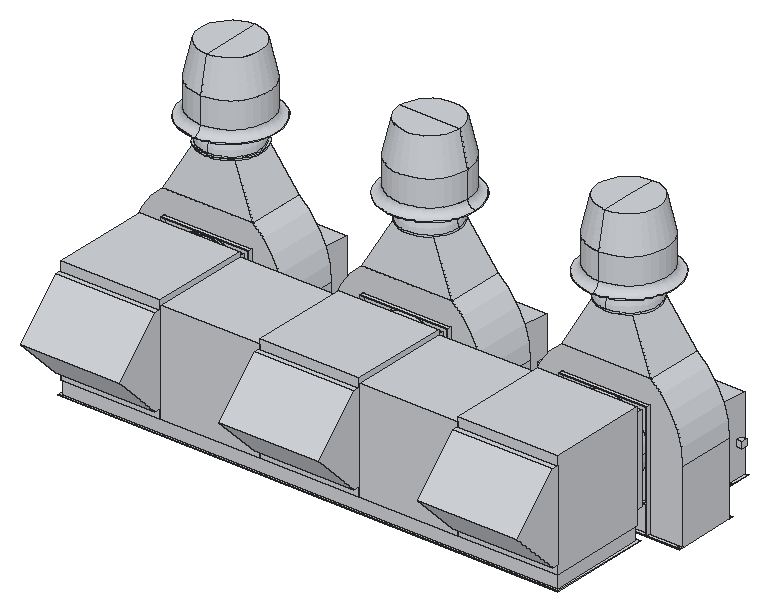
Revit family "Triple_CAVP_with_Mixing_Box", category Mechanical Equipment, Revit 2019 (continued)
Types (228): name | TRIP_Q | TRANSITION/2 | TRANSITION | RO2/2 | RO/2 | MB_P+MB_P+.5 | E/52*30 | E/2-H/2 | E-N-N-H | E-(NOZZLE_RAD/3*2) | TRIP_Q-4.5" | DUAL_Q+.25" | DUAL_Q | R-((B/2)+1.5") | R+((B/2)+1.5") | R*1.1 | R | MB_P-4.5" | MB_P+.25" | P | NOZZLE_WB_RAD-2" | NOZZLE_WB_RAD | NOZZLE_WB_OD | NOZZLE_WB/4 | NOZZLE_TOP_RAD | NOZZLE_TOP_OD | NOZZLE_SIZE | NOZZLE_HEIGHT/7*2 | NOZZLE_HEIGHT | NOZZLE_BOTTOM_RAD-3*2 | NOZZLE_BOTTOM_RAD | NOZZLE_BOTTOM_ID | MB_N-(D-J-K-L) | N+(H/2) | N | MB_Q | MB_P | MB_N | MB_HEIGHT/2 | MB_HEIGHT | MB_F | MB_A | M-(2*(D-L-K-J)) | M | L | K | J+K+L | J | HEIGHT | H/2 | H | F/2 | MB_F-3" | F | E/52*15 | E/2 | E | D-M | D-L-K-J | D | CLASS | C/2 | C | B/4 | B/2 | B | A/2 | A | Type Comments | -MB_P-.25 | -MB_P | -MB_HEIGHT | -(F-((F-H)/2))/2 | -((MB_Q / 2) + 1/8") | (NOZZLE_WB_OD - NOZZLE_TOP_OD) / 4 | (NOZZLE_HEIGHT - (NOZZLE_HEIGHT / 8 * 2)) / 2 | (MB_Q/2)+.125" | (MB_P/2-.125")-((F / 2) - 2") | (MB_P/2-.125")+((F / 2) - 2") | (MB_P/2)+.125" | (M - (2 * (D - L - K - J)))/2 | (F-((F-H)/2))/2 | (E/2)-(E/52*15) | (E/2)-((MB_P/2)+.125") | (E/2)-((B/2)+1.5") | (D-J-K-L)*2 | (B/2)-.125" | (B/2)+1.5" | ((M - (2 * (D - L - K - J))) / 2) + (TRANSITION / 2)
  Triple_365_CAVP-27L_CLASS_2_With_Mixing_Box | 260 3/4" | 13.54551" | 27.09103" | 128 1/8" | 23 3/4" | 104 1/2" | 44.60337" | 17 7/32" | 2" | 25.88542" | 256 1/4" | 156 5/8" | 156 3/8" | 13 9/32" | 58 23/32" | 39.6" | 36" | 47 1/2" | 52 1/4" | 18 1/2" | 28 1/2" | 30 1/2" | 61" | 12.2" | 19 27/32" | 39 11/16" | 27" | 15 5/32" | 60 5/8" | 13 5/32" | 19 5/32" | 38 5/16" | 13 3/16" | 36 21/32" | 15 7/32" | 52" | 52" | 14 3/16" | 29 1/8" | 58 1/4" | 10 1/2" | 160 9/16" | 28 1/8" | 30 1/8" | 32 1/8" | 23" | 66 1/8" | 11" | 69.76237" | 21 7/16" | 42 7/8" | 22 7/16" | 7 1/2" | 44 7/8" | 22.30168" | 38 21/32" | 77 5/16" | 37" | 1" | 67 1/8" | 2" | 46 3/32" | 92 3/16" | 10 39/64" | 21 7/32" | 42 7/16" | 76 29/32" | 153 13/16" | "Triple Vari-Plume Laboratory Exhaust Centrifugal Airfoil Class 2 Arr 10 With Mixing Box" | -52 1/4" | -52" | -58 1/4" | -20 7/16" | -26 1/8" | 5 21/64" | 22 47/64" | 26 1/8" | -5 7/16" | -46 5/16" | 26 1/8" | 14 1/16" | 20 7/16" | 16.35457" | 12 17/32" | 15 15/16" | 2" | 21 3/32" | 22 23/32" | 27.60801"
  Triple_402_CAVP-27H_CLASS_1_With_Mixing_Box | 280 3/4" | 13.54551" | 27.09103" | 138 1/8" | 25 3/4" | 112 1/2" | 49.0024" | 19 3/32" | 2" | 29.69792" | 276 1/4" | 168 5/8" | 168 3/8" | 15 29/32" | 64 3/32" | 44" | 40" | 51 1/2" | 56 1/4" | 18 1/4" | 28 1/2" | 30 1/2" | 61" | 12.2" | 19 27/32" | 39 11/16" | 27" | 15 5/32" | 60 5/8" | 13 5/32" | 19 5/32" | 38 5/16" | 12 3/16" | 40 15/32" | 17 3/32" | 56" | 56" | 13 9/16" | 32 1/4" | 64 1/2" | 12 5/8" | 171 1/16" | 31 1/2" | 34 1/4" | 36 1/2" | 21 7/8" | 70 7/8" | 12 1/2" | 77.09221" | 23 3/8" | 46 3/4" | 24 3/8" | 9 5/8" | 48 3/4" | 24.5012" | 42 15/32" | 84 15/16" | 38" | 1 3/8" | 72 1/4" | 1" | 50 3/8" | 100 3/4" | 11 19/64" | 22 19/32" | 45 3/16" | 89 3/8" | 178 3/4" | "Triple Vari-Plume Laboratory Exhaust Centrifugal Airfoil Class 1 Arr 10 With Mixing Box" | -56 1/4" | -56" | -64 1/2" | -22 3/8" | -28 1/8" | 5 21/64" | 22 47/64" | 28 1/8" | -5 1/2" | -50 1/4" | 28 1/8" | 15 3/4" | 22 3/8" | 17.96755" | 14 11/32" | 18 3/8" | 2 3/4" | 22 15/32" | 24 3/32" | 29.29551"
  Triple_402_CAVP-27L_CLASS_1_With_Mixing_Box | 280 3/4" | 13.54551" | 27.09103" | 138 1/8" | 25 3/4" | 112 1/2" | 49.0024" | 19 3/32" | 2" | 29.69792" | 276 1/4" | 168 5/8" | 168 3/8" | 15 29/32" | 64 3/32" | 44" | 40" | 51 1/2" | 56 1/4" | 18 1/4" | 28 1/2" | 30 1/2" | 61" | 12.2" | 19 27/32" | 39 11/16" | 27" | 15 5/32" | 60 5/8" | 13 5/32" | 19 5/32" | 38 5/16" | 12 3/16" | 40 15/32" | 17 3/32" | 56" | 56" | 13 9/16" | 32 1/4" | 64 1/2" | 12 5/8" | 171 1/16" | 31 1/2" | 34 1/4" | 36 1/2" | 21 7/8" | 70 7/8" | 12 1/2" | 77.09221" | 23 3/8" | 46 3/4" | 24 3/8" | 9 5/8" | 48 3/4" | 24.5012" | 42 15/32" | 84 15/16" | 38" | 1 3/8" | 72 1/4" | 1" | 50 3/8" | 100 3/4" | 11 19/64" | 22 19/32" | 45 3/16" | 89 3/8" | 178 3/4" | "Triple Vari-Plume Laboratory Exhaust Centrifugal Airfoil Class 1 Arr 10 With Mixing Box" | -56 1/4" | -56" | -64 1/2" | -22 3/8" | -28 1/8" | 5 21/64" | 22 47/64" | 28 1/8" | -5 1/2" | -50 1/4" | 28 1/8" | 15 3/4" | 22 3/8" | 17.96755" | 14 11/32" | 18 3/8" | 2 3/4" | 22 15/32" | 24 3/32" | 29.29551"
  Triple_402_CAVP-27H_CLASS_2_With_Mixing_Box | 280 3/4" | 13.54551" | 27.09103" | 138 1/8" | 25 3/4" | 112 1/2" | 49.0024" | 19 3/32" | 2" | 29.69792" | 276 1/4" | 168 5/8" | 168 3/8" | 15 29/32" | 64 3/32" | 44" | 40" | 51 1/2" | 56 1/4" | 19 1/2" | 28 1/2" | 30 1/2" | 61" | 12.2" | 19 27/32" | 39 11/16" | 27" | 15 5/32" | 60 5/8" | 13 5/32" | 19 5/32" | 38 5/16" | 12 3/16" | 40 15/32" | 17 3/32" | 56" | 56" | 13 9/16" | 32 1/4" | 64 1/2" | 12 5/8" | 171 1/16" | 31 1/2" | 34 1/4" | 36 1/2" | 21 7/8" | 70 7/8" | 12 1/2" | 77.09221" | 23 3/8" | 46 3/4" | 24 3/8" | 9 5/8" | 48 3/4" | 24.5012" | 42 15/32" | 84 15/16" | 38" | 1 3/8" | 72 1/4" | 2" | 50 3/8" | 100 3/4" | 11 19/64" | 22 19/32" | 45 3/16" | 89 3/8" | 178 3/4" | "Triple Vari-Plume Laboratory Exhaust Centrifugal Airfoil Class 2 Arr 10 With Mixing Box" | -56 1/4" | -56" | -64 1/2" | -22 3/8" | -28 1/8" | 5 21/64" | 22 47/64" | 28 1/8" | -5 1/2" | -50 1/4" | 28 1/8" | 15 3/4" | 22 3/8" | 17.96755" | 14 11/32" | 18 3/8" | 2 3/4" | 22 15/32" | 24 3/32" | 29.29551"
  Triple_402_CAVP-27L_CLASS_2_With_Mixing_Box | 280 3/4" | 13.54551" | 27.09103" | 138 1/8" | 25 3/4" | 112 1/2" | 49.0024" | 19 3/32" | 2" | 29.69792" | 276 1/4" | 168 5/8" | 168 3/8" | 15 29/32" | 64 3/32" | 44" | 40" | 51 1/2" | 56 1/4" | 19 1/2" | 28 1/2" | 30 1/2" | 61" | 12.2" | 19 27/32" | 39 11/16" | 27" | 15 5/32" | 60 5/8" | 13 5/32" | 19 5/32" | 38 5/16" | 12 3/16" | 40 15/32" | 17 3/32" | 56" | 56" | 13 9/16" | 32 1/4" | 64 1/2" | 12 5/8" | 171 1/16" | 31 1/2" | 34 1/4" | 36 1/2" | 21 7/8" | 70 7/8" | 12 1/2" | 77.09221" | 23 3/8" | 46 3/4" | 24 3/8" | 9 5/8" | 48 3/4" | 24.5012" | 42 15/32" | 84 15/16" | 38" | 1 3/8" | 72 1/4" | 2" | 50 3/8" | 100 3/4" | 11 19/64" | 22 19/32" | 45 3/16" | 89 3/8" | 178 3/4" | "Triple Vari-Plume Laboratory Exhaust Centrifugal Airfoil Class 2 Arr 10 With Mixing Box" | -56 1/4" | -56" | -64 1/2" | -22 3/8" | -28 1/8" | 5 21/64" | 22 47/64" | 28 1/8" | -5 1/2" | -50 1/4" | 28 1/8" | 15 3/4" | 22 3/8" | 17.96755" | 14 11/32" | 18 3/8" | 2 3/4" | 22 15/32" | 24 3/32" | 29.29551"
  Triple_445_CAVP-27H_CLASS_1_With_Mixing_Box | 300 3/4" | 13.54551" | 27.09103" | 148 1/8" | 27 3/4" | 120 1/2" | 54.05048" | 21 15/32" | 2" | 34.07292" | 296 1/4" | 180 5/8" | 180 3/8" | 17 25/32" | 70 7/32" | 48.4" | 44" | 55 1/2" | 60 1/4" | 18 1/4" | 28 1/2" | 30 1/2" | 61" | 12.2" | 19 27/32" | 39 11/16" | 27" | 15 5/32" | 60 5/8" | 13 5/32" | 19 5/32" | 38 5/16" | 12 3/16" | 44 27/32" | 19 15/32" | 60" | 60" | 13 9/16" | 34 7/8" | 69 3/4" | 14 1/2" | 186 3/16" | 34 3/4" | 37 1/2" | 39 3/4" | 25 7/8" | 78 5/8" | 13" | 84.91333" | 25 3/8" | 50 3/4" | 26 3/8" | 11 1/2" | 52 3/4" | 27.02524" | 46 27/32" | 93 11/16" | 42 1/2" | 1 3/8" | 80" | 1" | 56 7/16" | 112 7/8" | 12 23/64" | 24 23/32" | 49 7/16" | 95 7/16" | 190 7/8" | "Triple Vari-Plume Laboratory Exhaust Centrifugal Airfoil Class 1 Arr 10 With Mixing Box" | -60 1/4" | -60" | -69 3/4" | -24 3/8" | -30 1/8" | 5 21/64" | 22 47/64" | 30 1/8" | -5 1/2" | -54 1/4" | 30 1/8" | 17 3/8" | 24 3/8" | 19.81851" | 16 23/32" | 20 5/8" | 2 3/4" | 24 19/32" | 26 7/32" | 30.92051"
  Triple_445_CAVP-27L_CLASS_1_With_Mixing_Box | 300 3/4" | 13.54551" | 27.09103" | 148 1/8" | 27 3/4" | 120 1/2" | 54.05048" | 21 15/32" | 2" | 34.07292" | 296 1/4" | 180 5/8" | 180 3/8" | 17 25/32" | 70 7/32" | 48.4" | 44" | 55 1/2" | 60 1/4" | 18 1/4" | 28 1/2" | 30 1/2" | 61" | 12.2" | 19 27/32" | 39 11/16" | 27" | 15 5/32" | 60 5/8" | 13 5/32" | 19 5/32" | 38 5/16" | 12 3/16" | 44 27/32" | 19 15/32" | 60" | 60" | 13 9/16" | 34 7/8" | 69 3/4" | 14 1/2" | 186 3/16" | 34 3/4" | 37 1/2" | 39 3/4" | 25 7/8" | 78 5/8" | 13" | 84.91333" | 25 3/8" | 50 3/4" | 26 3/8" | 11 1/2" | 52 3/4" | 27.02524" | 46 27/32" | 93 11/16" | 42 1/2" | 1 3/8" | 80" | 1" | 56 7/16" | 112 7/8" | 12 23/64" | 24 23/32" | 49 7/16" | 95 7/16" | 190 7/8" | "Triple Vari-Plume Laboratory Exhaust Centrifugal Airfoil Class 1 Arr 10 With Mixing Box" | -60 1/4" | -60" | -69 3/4" | -24 3/8" | -30 1/8" | 5 21/64" | 22 47/64" | 30 1/8" | -5 1/2" | -54 1/4" | 30 1/8" | 17 3/8" | 24 3/8" | 19.81851" | 16 23/32" | 20 5/8" | 2 3/4" | 24 19/32" | 26 7/32" | 30.92051"
  Triple_445_CAVP-27H_CLASS_2_With_Mixing_Box | 300 3/4" | 13.54551" | 27.09103" | 148 1/8" | 27 3/4" | 120 1/2" | 54.05048" | 21 15/32" | 2" | 34.07292" | 296 1/4" | 180 5/8" | 180 3/8" | 17 25/32" | 70 7/32" | 48.4" | 44" | 55 1/2" | 60 1/4" | 19 1/2" | 28 1/2" | 30 1/2" | 61" | 12.2" | 19 27/32" | 39 11/16" | 27" | 15 5/32" | 60 5/8" | 13 5/32" | 19 5/32" | 38 5/16" | 12 3/16" | 44 27/32" | 19 15/32" | 60" | 60" | 13 9/16" | 34 7/8" | 69 3/4" | 14 1/2" | 186 3/16" | 34 3/4" | 37 1/2" | 39 3/4" | 25 7/8" | 78 5/8" | 13" | 84.91333" | 25 3/8" | 50 3/4" | 26 3/8" | 11 1/2" | 52 3/4" | 27.02524" | 46 27/32" | 93 11/16" | 42 1/2" | 1 3/8" | 80" | 2" | 56 7/16" | 112 7/8" | 12 23/64" | 24 23/32" | 49 7/16" | 95 7/16" | 190 7/8" | "Triple Vari-Plume Laboratory Exhaust Centrifugal Airfoil Class 2 Arr 10 With Mixing Box" | -60 1/4" | -60" | -69 3/4" | -24 3/8" | -30 1/8" | 5 21/64" | 22 47/64" | 30 1/8" | -5 1/2" | -54 1/4" | 30 1/8" | 17 3/8" | 24 3/8" | 19.81851" | 16 23/32" | 20 5/8" | 2 3/4" | 24 19/32" | 26 7/32" | 30.92051"
  Triple_445_CAVP-27L_CLASS_2_With_Mixing_Box | 300 3/4" | 13.54551" | 27.09103" | 148 1/8" | 27 3/4" | 120 1/2" | 54.05048" | 21 15/32" | 2" | 34.07292" | 296 1/4" | 180 5/8" | 180 3/8" | 17 25/32" | 70 7/32" | 48.4" | 44" | 55 1/2" | 60 1/4" | 19 1/2" | 28 1/2" | 30 1/2" | 61" | 12.2" | 19 27/32" | 39 11/16" | 27" | 15 5/32" | 60 5/8" | 13 5/32" | 19 5/32" | 38 5/16" | 12 3/16" | 44 27/32" | 19 15/32" | 60" | 60" | 13 9/16" | 34 7/8" | 69 3/4" | 14 1/2" | 186 3/16" | 34 3/4" | 37 1/2" | 39 3/4" | 25 7/8" | 78 5/8" | 13" | 84.91333" | 25 3/8" | 50 3/4" | 26 3/8" | 11 1/2" | 52 3/4" | 27.02524" | 46 27/32" | 93 11/16" | 42 1/2" | 1 3/8" | 80" | 2" | 56 7/16" | 112 7/8" | 12 23/64" | 24 23/32" | 49 7/16" | 95 7/16" | 190 7/8" | "Triple Vari-Plume Laboratory Exhaust Centrifugal Airfoil Class 2 Arr 10 With Mixing Box" | -60 1/4" | -60" | -69 3/4" | -24 3/8" | -30 1/8" | 5 21/64" | 22 47/64" | 30 1/8" | -5 1/2" | -54 1/4" | 30 1/8" | 17 3/8" | 24 3/8" | 19.81851" | 16 23/32" | 20 5/8" | 2 3/4" | 24 19/32" | 26 7/32" | 30.92051"
  Triple_490_CAVP-27H_CLASS_1_With_Mixing_Box | 330 3/4" | 13.54551" | 27.09103" | 163 1/8" | 30 3/4" | 132 1/2" | 59.38702" | 22 5/8" | 2" | 38.69792" | 326 1/4" | 198 5/8" | 198 3/8" | 19" | 77" | 52.8" | 48" | 61 1/2" | 66 1/4" | 18 1/2" | 28 1/2" | 30 1/2" | 61" | 12.2" | 19 27/32" | 39 11/16" | 27" | 15 5/32" | 60 5/8" | 13 5/32" | 19 5/32" | 38 5/16" | 12 3/16" | 49 15/32" | 20 5/8" | 66" | 66" | 13 9/16" | 35 3/8" | 70 3/4" | 15 3/4" | 191 7/8" | 38 3/16" | 40 15/16" | 43 3/16" | 21 7/8" | 78 9/16" | 13 1/2" | 92.95281" | 28 27/32" | 57 11/16" | 29 27/32" | 12 3/4" | 59 11/16" | 29.69351" | 51 15/32" | 102 15/16" | 39" | 1 3/8" | 79 15/16" | 1" | 61 17/32" | 123 1/16" | 13 3/4" | 27 1/2" | 55" | 108 29/32" | 217 13/16" | "Triple Vari-Plume Laboratory Exhaust Centrifugal Airfoil Class 1 Arr 10 With Mixing Box" | -66 1/4" | -66" | -70 3/4" | -27 27/32" | -33 1/8" | 5 21/64" | 22 47/64" | 33 1/8" | -5 1/32" | -60 23/32" | 33 1/8" | 19 3/32" | 27 27/32" | 21.77524" | 18 11/32" | 22 15/32" | 2 3/4" | 27 3/8" | 29" | 32.63926"
  Triple_490_CAVP-27L_CLASS_1_With_Mixing_Box | 330 3/4" | 13.54551" | 27.09103" | 163 1/8" | 30 3/4" | 132 1/2" | 59.38702" | 22 5/8" | 2" | 38.69792" | 326 1/4" | 198 5/8" | 198 3/8" | 19" | 77" | 52.8" | 48" | 61 1/2" | 66 1/4" | 18 1/2" | 28 1/2" | 30 1/2" | 61" | 12.2" | 19 27/32" | 39 11/16" | 27" | 15 5/32" | 60 5/8" | 13 5/32" | 19 5/32" | 38 5/16" | 12 3/16" | 49 15/32" | 20 5/8" | 66" | 66" | 13 9/16" | 35 3/8" | 70 3/4" | 15 3/4" | 191 7/8" | 38 3/16" | 40 15/16" | 43 3/16" | 21 7/8" | 78 9/16" | 13 1/2" | 92.95281" | 28 27/32" | 57 11/16" | 29 27/32" | 12 3/4" | 59 11/16" | 29.69351" | 51 15/32" | 102 15/16" | 39" | 1 3/8" | 79 15/16" | 1" | 61 17/32" | 123 1/16" | 13 3/4" | 27 1/2" | 55" | 108 29/32" | 217 13/16" | "Triple Vari-Plume Laboratory Exhaust Centrifugal Airfoil Class 1 Arr 10 With Mixing Box" | -66 1/4" | -66" | -70 3/4" | -27 27/32" | -33 1/8" | 5 21/64" | 22 47/64" | 33 1/8" | -5 1/32" | -60 23/32" | 33 1/8" | 19 3/32" | 27 27/32" | 21.77524" | 18 11/32" | 22 15/32" | 2 3/4" | 27 3/8" | 29" | 32.63926"
  Triple_490_CAVP-27H_CLASS_2_With_Mixing_Box | 330 3/4" | 13.54551" | 27.09103" | 163 1/8" | 30 3/4" | 132 1/2" | 59.38702" | 22 5/8" | 2" | 38.69792" | 326 1/4" | 198 5/8" | 198 3/8" | 19" | 77" | 52.8" | 48" | 61 1/2" | 66 1/4" | 21 7/8" | 28 1/2" | 30 1/2" | 61" | 12.2" | 19 27/32" | 39 11/16" | 27" | 15 5/32" | 60 5/8" | 13 5/32" | 19 5/32" | 38 5/16" | 12 3/16" | 49 15/32" | 20 5/8" | 66" | 66" | 13 9/16" | 35 3/8" | 70 3/4" | 15 3/4" | 195 7/8" | 38 3/16" | 40 15/16" | 43 3/16" | 25 7/8" | 82 9/16" | 13 1/2" | 92.95281" | 28 27/32" | 57 11/16" | 29 27/32" | 12 3/4" | 59 11/16" | 29.69351" | 51 15/32" | 102 15/16" | 43" | 1 3/8" | 83 15/16" | 2" | 61 17/32" | 123 1/16" | 13 3/4" | 27 1/2" | 55" | 108 29/32" | 217 13/16" | "Triple Vari-Plume Laboratory Exhaust Centrifugal Airfoil Class 2 Arr 10 With Mixing Box" | -66 1/4" | -66" | -70 3/4" | -27 27/32" | -33 1/8" | 5 21/64" | 22 47/64" | 33 1/8" | -5 1/32" | -60 23/32" | 33 1/8" | 19 3/32" | 27 27/32" | 21.77524" | 18 11/32" | 22 15/32" | 2 3/4" | 27 3/8" | 29" | 32.63926"
  Triple_490_CAVP-27L_CLASS_2_With_Mixing_Box | 330 3/4" | 13.54551" | 27.09103" | 163 1/8" | 30 3/4" | 132 1/2" | 59.38702" | 22 5/8" | 2" | 38.69792" | 326 1/4" | 198 5/8" | 198 3/8" | 19" | 77" | 52.8" | 48" | 61 1/2" | 66 1/4" | 21 7/8" | 28 1/2" | 30 1/2" | 61" | 12.2" | 19 27/32" | 39 11/16" | 27" | 15 5/32" | 60 5/8" | 13 5/32" | 19 5/32" | 38 5/16" | 12 3/16" | 49 15/32" | 20 5/8" | 66" | 66" | 13 9/16" | 35 3/8" | 70 3/4" | 15 3/4" | 195 7/8" | 38 3/16" | 40 15/16" | 43 3/16" | 25 7/8" | 82 9/16" | 13 1/2" | 92.95281" | 28 27/32" | 57 11/16" | 29 27/32" | 12 3/4" | 59 11/16" | 29.69351" | 51 15/32" | 102 15/16" | 43" | 1 3/8" | 83 15/16" | 2" | 61 17/32" | 123 1/16" | 13 3/4" | 27 1/2" | 55" | 108 29/32" | 217 13/16" | "Triple Vari-Plume Laboratory Exhaust Centrifugal Airfoil Class 2 Arr 10 With Mixing Box" | -66 1/4" | -66" | -70 3/4" | -27 27/32" | -33 1/8" | 5 21/64" | 22 47/64" | 33 1/8" | -5 1/32" | -60 23/32" | 33 1/8" | 19 3/32" | 27 27/32" | 21.77524" | 18 11/32" | 22 15/32" | 2 3/4" | 27 3/8" | 29" | 32.63926"
